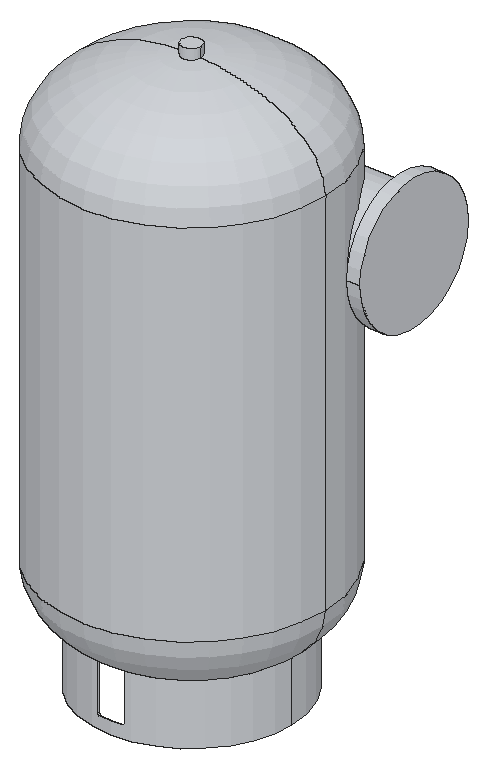
Revit family
Parameters (values of type "22-AS-L 125# W.P.")
  Weight = "5600 lbs"
  Top to Inlet = 35.375"
  Top Connection Radius = 1.500"
  Top Connection Diameter = Top Connection Radius * 2  # 3.000"
  Tank Height = 125.750"
  Tangential = yes
  Tank Height Less Stand = 118.750"
  Tank Diameter = 60.000"
  Pipe Location off CL = 18.000"
  Outlet Pipe Flange Conn. Radius = Outlet Pipe Flange Conn / 2  # 11.000"
  Outlet Pipe Flange Conn = 22.000"
  Model = "22\"-AS-L"
  Pressure Drop = ""
  Max Operating Temp = "350 DEG F"
  Max Operating Pressure = "125 PSI"
  Manufacturer = "Amtrol"
  Inlet CL to Outlet CL = 48.000"
  Inlet Pipe Flange Conn = 22.000"
  Inlet Pipe Flange Conn. Radius = Inlet Pipe Flange Conn / 2  # 11.000"
  Flow (GPM) = ""
  Flange to Flange Height = 70.000"
  CL to Outlet Flange = 35.000"
  Bottom Connection Radius = Bottom Connection Diameter / 2  # 1.500"
  Bottom Connection Diameter = 3.000"
  ASME = yes
Types (3): name | Max Operating Pressure
  (no name) | "125 PSI"
  22-AS-L 125# W.P. | "125 PSI"
  22-AS-L 150# W.P. 10 BAR | "150 PSI"
Reference planes (in)
  plane 1 "Center (Front/Back)": y = 0
  plane 2: z = 0
  plane 3 "Center (Left/Right)": x = -1.2315
Forms (in)
  Revolve 1, solid
    sketch origin (0, 0, 0) x (1, 0, 0) y (0, 0, 1)
      loop
        spline (28.7685, 101.75) -> (28.51184, 104.09947) -> (27.74627, 106.40874) -> (26.48488, 108.6383) -> (24.74926, 110.75) -> (22.5691, 112.70771) -> (19.9817, 114.47792) -> (17.03134, 116.03036) -> (13.7685, 117.33846) -> (10.249, 118.37983) -> (6.53307, 119.13666) -> (2.68428, 119.59601) -> (-1.2315, 119.75)
        line (-1.2315, 119.75) -> (-1.2315, 1)
        spline (-1.2315, 1) -> (2.68428, 1.15399) -> (6.53307, 1.61334) -> (10.249, 2.37017) -> (13.7685, 3.41154) -> (17.03134, 4.71964) -> (19.9817, 6.27208) -> (22.5691, 8.04229) -> (24.74926, 10) -> (26.48488, 12.1117) -> (27.74627, 14.34126) -> (28.51184, 16.65053) -> (28.7685, 19)
        line (28.7685, 19) -> (28.7685, 101.75)
      axis (-1.2315, 1) -> (-1.2315, 119.75)
    angle from 0 to 360
  Extrusion 2, solid
    sketch origin (0, 0, 4.33383) x (0, 1, 0) y (0, 0, 1)
      loop
        circle (18, 80.01285) r 11
    from 1.7685 to 31.00894
  Extrusion 3, solid
    sketch origin (1.78583, 0, 18.02222) x (0, 1, 0) y (0, 0, 1)
      loop
        circle (18, 18.32446) r 11
    from -34.75777 to -6.01733
  Extrusion 4, solid
    sketch origin (6.54208, 0, 8.25512) x (0, 1, 0) y (0, 0, 1)
      loop
        circle (18, 76.09156) r 15
    from 24.46686 to 27.48598
  Extrusion 5, solid
    sketch origin (0, 0, 0.63219) x (0, 1, 0) y (0, 0, 1)
      loop
        circle (18, 35.71449) r 15
    from -32.97194 to -36.2315
  Sweep 6, solid
    path origin (0.0083, 0, 42.63637) x (1, 0, 0) y (0, 0, 1)
      loop
        line (-1.2315, 77.08531) -> (-1.2315, 79.21969)
    profile origin (-1.2232, 0, 120.78887) x (-1, 0, 0) y (0, -1, 0)
      loop
        circle (0, 0) r 2.125
  Sweep 7, solid
    path origin (0, 0, 0.47237) x (1, 0, 0) y (0, 0, 1)
      loop
        line (-1.2315, -1.75069) -> (-1.2315, 0.49931)
    profile origin (-1.2315, 0, -0.15332) x (-1, 0, 0) y (0, -1, 0)
      loop
        circle (0, 0) r 2.125
  Extrusion 8, solid
    sketch origin (0, 0, 0.2359) x (1, 0, 0) y (0, 1, 0)
      loop
        circle (-1.2315, 0) r 22.5
      loop
        circle (-1.2315, 0) r 22.25
    from 6.90601 to -6.7359
  Extrusion 9, void
    sketch origin (0, 0, 0) x (1, 0, 0) y (0, 0, 1)
      loop
        line (-4.2315, 7.14191) -> (-4.2315, -3.2464)
        arc (-4.2315, -3.2464) -> (-4.08505, -3.59996) -> (-3.7315, -3.7464) r 0.5
        line (-3.7315, -3.7464) -> (1.2685, -3.7464)
        arc (1.2685, -3.7464) -> (1.62205, -3.59996) -> (1.7685, -3.2464) r 0.5
        line (1.7685, -3.2464) -> (1.7685, 7.14191) -> (-4.2315, 7.14191)
    from 4.41095 to 33.97425
Cuts and joins
  Extrusion 9 cuts Sweep 7
  Extrusion 9 cuts Extrusion 8
Text (in)
  text "INLET" at (38.67413, 0, 74.30106), in view "Front"
  text "OUTLET" at (-48.81886, 0, 31.32958), in view "Front"
Dimensions and locks (in)
  "Pipe Location off CL": plane 1 "Center (Front/Back)" to Extrusion 2 sketch curve
  "Pipe Location off CL": plane 1 "Center (Front/Back)" to Extrusion 3 sketch curve
  "Pipe Location off CL": Extrusion 5 sketch curve to plane 1 "Center (Front/Back)"
  "Pipe Location off CL": Extrusion 4 sketch curve to plane 1 "Center (Front/Back)"
  "CL to Outlet Flange": Extrusion 5 to plane 3 "Center (Left/Right)"
  "Top to Inlet": Sweep 6 to Extrusion 4 sketch curve
  "Top to Inlet": Sweep 6 to Extrusion 2 sketch curve
  locked: Sweep 6 to Extrusion 5 sketch curve at 83.375
  locked: Sweep 6 to Extrusion 3 sketch curve at 83.375
  "Tank Height Less Stand": Sweep 6 sketch curve to cut or joined group of Sweep 7, Extrusion 9
  locked: Revolve 1 sketch curve to Revolve 1 sketch curve at 30
  "Tank Height Less Stand": Revolve 1 sketch curve to Revolve 1 sketch curve
  locked: Revolve 1 sketch curve to level at 1
  aligned: Extrusion 2 to Extrusion 4
  aligned and locked: Extrusion 3 to Extrusion 5
  aligned: Extrusion 3 to Extrusion 2
  aligned and locked: Extrusion 8 to Extrusion 9
  aligned and locked: plane 3 "Center (Left/Right)" to Sweep 7 sketch curve
  aligned and locked: cut or joined group of Extrusion 8, Extrusion 9 to Extrusion 3
  aligned and locked: Extrusion 2 to cut or joined group of Extrusion 8, Extrusion 9
Automatic sketch dimensions
  plane 1 "Center (Front/Back)" to Sweep 6 sketch curve = 0.000"
  Sweep 6 sketch curve to profile plane = 0.000"
  plane 1 "Center (Front/Back)" to Sweep 7 sketch curve = 0.000"
  Sweep 7 sketch curve to profile plane = 0.000"
  Extrusion 8 sketch curve to Extrusion 8 sketch curve = 0.000"  (x2)
  plane 1 "Center (Front/Back)" to Extrusion 8 sketch curve = 0.000"
  Extrusion 8 sketch curve to plane 3 "Center (Left/Right)" = 0.000"
  Extrusion 9 sketch curve to plane 3 "Center (Left/Right)" = 3.000"
  Extrusion 9 sketch curve to Extrusion 9 sketch curve = 0.500"  (x2)
  Extrusion 9 sketch curve to level = 3.2464"
  plane 3 "Center (Left/Right)" to Extrusion 9 sketch curve = 2.500"
  level to Extrusion 9 sketch curve = 7.14191"
  plane 3 "Center (Left/Right)" to Sweep 6 sketch curve = 0.0083"
  Sweep 6 sketch curve to Sweep 6 sketch curve = 2.13438"
  Sweep 7 sketch curve to level = 1.27832"
  level to Sweep 7 sketch curve = 0.97168"
  Revolve 1 sketch curve to plane 3 "Center (Left/Right)" = 0.000"  (x2)
  Revolve 1 sketch curve to Revolve 1 sketch curve = 0.000"
  level to Revolve 1 sketch curve = 19.000"
  Revolve 1 sketch curve to Revolve 1 sketch curve = 18.000"
  Revolve 1 sketch curve to Revolve 1 sketch curve = 14.000"
  radius of Extrusion 2 sketch curve = 11.000"
  radius of Extrusion 3 sketch curve = 11.000"
  radius of Extrusion 4 sketch curve = 15.000"
  radius of Extrusion 5 sketch curve = 15.000"
  radius of Sweep 6 sketch curve = 2.125"
  radius of Sweep 7 sketch curve = 2.125"
  radius of Extrusion 8 sketch curve = 22.500"
  radius of Extrusion 8 sketch curve = 22.250"
Connectors (in)
  piping at (-1.2232, 0, 121.85606), driven by "Top Connection Radius"
    settings: on Sweep 6, index 3
  piping at (-36.2315, 18, 36.34668), driven by "Outlet Pipe Flange Conn. Radius"
    settings: on Extrusion 5, index 4
  piping at (-1.2315, 0, -1.27832), driven by "Bottom Connection Radius"
    settings: on Sweep 7, index 5
  piping at (34.02806, 18, 84.34668), driven by "Inlet Pipe Flange Conn. Radius"
    settings: on Extrusion 4, index 6
